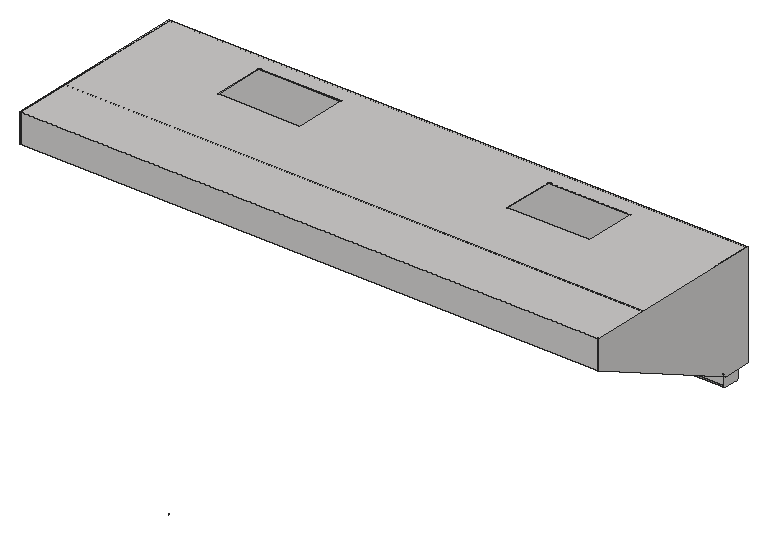
Revit family "QF_ELECTROLUXPROFESSIONAL_642001_MP928BT", category Attrezzature speciali, Revit 2021
Family settings
  Quota connettore circolare = Usa diametro
  Tipo di parte = Normale
  Basato su piano di lavoro = No
  Sempre verticale = Sì
  Taglio con vuoti quando caricato = No
  Condiviso = No
  Punto di calcolo locali = No
Parameters (values of type "Standard")
  Weight = 58.00 kg
  Watts = 0 W
  Volts = 0 V
  URL Manufacturer = "https://www.electroluxprofessional.com/"
  URL = "https://www.electroluxprofessional.com/"
  Steam Supply Size = 0 mm
  Steam Supply Minimum Pressure = 0.0 Pa
  Steam Supply Maximum Pressure = 0.0 Pa
  Steam Consumption per Hour = 0
  Refrigeration Suction Line Size = 0 mm
  Refrigeration Liquid Line Size = 0 mm
  Refrigerant Compressor Remote = yes
  Prospetto di default = 0 mm
  Produttore = "Electrolux Professional"
  Phase = 0
  Modello = "MP928BT"
  Length Actual = 2800 mm  # constant formula
  Item Number = "642001"
  Hot Water Size = 0 mm
  Height Actual = 500 mm  # constant formula
  HP = "0 HP"
  Gas Size = 0 mm
  Gas KW = 0
  Gas Input Pressure = 0 W
  Direct Waste Size = 0 mm
  Descrizione = "430 S/S WALL HOOD+FILTERS 2800X900MM"
  Depth Actual = 900 mm  # constant formula
  Cycle = 0 Hz
  Condensate Return Size = 0 mm
  Compressed Air Volume = 0.0 L/s
  Compressed Air Size = 0 mm
  Compressed Air Pressure = 0.0 Pa
  Cold Water Size = 0 mm
  Accessory = yes
Reference planes
  plane 1: z = 0
  plane 2 "Center (Left/Right)": x = 150
  plane 3 "LEFT": x = -1250
  plane 4 "RIGHT": x = 1550
  plane 5 "BACK": y = 550
  plane 6 "Plane": z = 2000
  plane 7 "TOP": z = 2140
  plane 8 "Base": z = 1640
  plane 9: z = 1566
  plane 10 "DrainY": y = 485
  plane 11: x = -1247
  plane 12: through (0, 414.509, 1640.8) normal (0, 0.7314, 0.682)
  plane 13: y = 470
  plane 14: y = 220
  plane 15 "DrainX": x = 1430
  plane 16: x = -350
  plane 17: x = 650
  plane 18: x = -750
  plane 19: x = 1050
  plane 20: x = 1547
  plane 21: x = 1340
  plane 22: x = 1520
  plane 23: x = -1210
  plane 24: x = -845
  plane 25: x = -450
  plane 26: x = 1510
  plane 27: x = 1145
  plane 28: x = 750
  plane 29: y = -350
  plane 30 "Center (Front/Back)": y = 100
Forms (mm)
  Extrusion 1, solid, material "QF_Finishes_Stainless Steel"
    sketch origin (-1250, 0, 0) x (0, 1, 0) y (0, 0, 1)
      loop
        line (550, 1640) -> (550, 2140) -> (-350, 2140) -> (-350, 2000) -> (415.255, 1640) -> (550, 1640)
    from 0 to 3
  Extrusion 2, solid, material "QF_Finishes_Stainless Steel"
    sketch origin (150, 0, 0) x (0, 1, 0) y (0, 0, 1)
      loop
        line (415.255, 1640) -> (550, 1640) -> (550, 2139.19) -> (549.2, 2139.19) -> (549.2, 1640.8) -> (415.876, 1640.8) -> (339.347, 1722.867) -> (349.609, 1732.436) -> (348.927, 1733.167) -> (337.934, 1722.917) -> (415.255, 1640)
      loop
        line (-82.203, 2139.19) -> (-82.203, 2118.6) -> (-31.047, 2118.6) -> (34.354, 2048.466) -> (46.028, 2059.352) -> (45.346, 2060.083) -> (34.403, 2049.879) -> (-30.612, 2119.6) -> (-81.203, 2119.6) -> (-81.203, 2139.19) -> (-82.203, 2139.19)
    from -1397 to 1397
  Extrusion 3, solid, material "QF_Finishes_Stainless Steel"
    sketch origin (1550, 0, 0) x (0, 1, 0) y (0, 0, 1)
      loop
        line (550, 1640) -> (550, 2140) -> (-350, 2140) -> (-350, 2000) -> (415.255, 1640) -> (550, 1640)
    from 0 to -3
  Extrusion 4, solid, material "QF_Finishes_Stainless Steel"
    sketch origin (150, 0, 0) x (0, 1, 0) y (0, 0, 1)
      loop
        line (-350, 2140) -> (-350, 2000) -> (-349.2, 2000) -> (-349.2, 2139.19) -> (550, 2139.19) -> (550, 2140) -> (-350, 2140)
    from -1400 to 1400
  Extrusion 5, solid, material "QF_Finishes_Stainless Steel"
    sketch origin (150, 0, 0) x (0, 1, 0) y (0, 0, 1)
      loop
        line (534, 1640) -> (436, 1640) -> (436, 1627) -> (443.5, 1627) -> (443.5, 1576)
        arc (443.5, 1576) -> (446.429, 1568.929) -> (453.5, 1566) r 10
        line (453.5, 1566) -> (516.5, 1566)
        arc (516.5, 1566) -> (523.571, 1568.929) -> (526.5, 1576) r 10
        line (526.5, 1576) -> (526.5, 1627) -> (534, 1627) -> (534, 1640)
    from 1190 to 1370
  Extrusion 6, solid, material "QF_Finishes_Stainless Steel"
    sketch origin (0, 0, 1640) x (0, 1, 0) y (-1, 0, 0)
      loop
        circle (485, -1430) r 20
    from -76 to -74
  Extrusion 7, solid, material "QF_Finished_Chrome"
    sketch origin (150, 0, 0) x (0, 1, 0) y (0, 0, 1)
      loop
        line (337.934, 1722.917) -> (341.591, 1726.327) -> (38.011, 2051.876) -> (34.354, 2048.466) -> (337.934, 1722.917)
    from -995 to -1360
  Extrusion 8, solid, material "QF_Finished_Chrome"
    sketch origin (150, 0, 0) x (0, 1, 0) y (0, 0, 1)
      loop
        line (337.934, 1722.917) -> (341.591, 1726.327) -> (38.011, 2051.876) -> (34.354, 2048.466) -> (337.934, 1722.917)
    from 600 to -600
  Extrusion 9, solid, material "QF_Finishes_Stainless Steel"
    sketch origin (150, 0, 0) x (0, 1, 0) y (0, 0, 1)
      loop
        line (337.934, 1722.917) -> (341.591, 1726.327) -> (38.011, 2051.876) -> (34.354, 2048.466) -> (337.934, 1722.917)
    from 1397 to 1360
  Extrusion 10, solid, material "QF_Finishes_Stainless Steel"
    sketch origin (150, 0, 0) x (0, 1, 0) y (0, 0, 1)
      loop
        line (341.588, 1726.324) -> (38.009, 2051.874) -> (34.354, 2048.466) -> (337.934, 1722.917) -> (341.588, 1726.324)
    from -995 to -600
  Extrusion 11, solid, material "QF_Finished_Chrome"
    sketch origin (150, 0, 0) x (0, 1, 0) y (0, 0, 1)
      loop
        line (341.588, 1726.324) -> (38.009, 2051.874) -> (34.354, 2048.466) -> (337.934, 1722.917) -> (341.588, 1726.324)
    from 995 to 1360
  Extrusion 12, void
    sketch origin (0, 0, 2140) x (0, 1, 0) y (-1, 0, 0)
      loop
        line (470, 750) -> (220, 750) -> (220, 350) -> (470, 350) -> (470, 750)
    from 0 to -10
  Extrusion 13, void
    sketch origin (940, 0, 2140) x (0, 1, 0) y (-1, 0, 0)
      loop
        line (470, 290) -> (220, 290) -> (220, -110) -> (470, -110) -> (470, 290)
    from 0 to -10
  Extrusion 14, solid, material "QF_Finishes_Stainless Steel"
    sketch origin (0, 0, 0) x (1, 0, 0) y (0, 1, 0)
      loop
        line (-1250, 550) -> (-1250, 549) -> (-1249, 549) -> (-1249, 550) -> (-1250, 550)
    from 0 to 1
  Extrusion 15, solid, material "QF_Finishes_Stainless Steel"
    sketch origin (150, 0, 0) x (0, 1, 0) y (0, 0, 1)
      loop
        line (337.934, 1722.917) -> (341.591, 1726.327) -> (38.011, 2051.876) -> (34.354, 2048.466) -> (337.934, 1722.917)
    from -1360 to -1397
  Extrusion 16, solid, material "QF_Finishes_Stainless Steel"
    sketch origin (150, 0, 0) x (0, 1, 0) y (0, 0, -1)
      loop
        line (341.588, -1726.324) -> (337.934, -1722.917) -> (34.354, -2048.466) -> (38.009, -2051.874) -> (341.588, -1726.324)
    from -995 to -600
Cuts and joins
  Extrusion 12, Extrusion 13 cuts Extrusion 4
  joined: Extrusion 2, Extrusion 4
Lines and regions (mm)
  reference lines
    curve 1: line (150, 34.354, 2048.466) -> (150, 34.354, 1888.466)
  symbolic lines, style "SpecialityEquipment", detail levels coarse
    curve 2: line (1550, 550, 2140) -> (-1250, 550, 2140)
    curve 3: line (-1250, 550, 2140) -> (-1250, -350, 2140)
    curve 4: line (1550, -350, 2140) -> (1550, 550, 2140)
    curve 5: line (-1250, -350, 2140) -> (1550, -350, 2140)
    curve 6: line (-750, 220, 2140) -> (-350, 220, 2140)
    curve 7: line (-750, 470, 2140) -> (-750, 220, 2140)
    curve 8: line (-350, 470, 2140) -> (-750, 470, 2140)
    curve 9: line (-350, 220, 2140) -> (-350, 470, 2140)
    curve 10: line (650, 470, 2140) -> (650, 220, 2140)
    curve 11: line (650, 220, 2140) -> (1050, 220, 2140)
    curve 12: line (1050, 470, 2140) -> (650, 470, 2140)
    curve 13: line (1050, 220, 2140) -> (1050, 470, 2140)
  symbolic lines, detail levels coarse
    curve 14: line (-1250, -350, 0) -> (1550, 550, 0)
    curve 15: line (1550, -350, 0) -> (-1250, 550, 0)
Dimensions and locks
  plane 3 "LEFT" to plane 4 "RIGHT" = 2800 mm
  equal spacing: plane 3 "LEFT", plane 2 "Center (Left/Right)", plane 4 "RIGHT"
  locked: plane 6 "Plane" to level at 2000
  plane 7 "TOP" to plane 6 "Plane" = 140 mm
  locked: plane 7 "TOP" to plane 8 "Base" at 500
  plane 8 "Base" to plane 9 = 74 mm
  plane 5 "BACK" to plane 10 "DrainY" = 65 mm  (x2)
  plane 3 "LEFT" to plane 11 = 3 mm
  plane 5 "BACK" to plane 13 = 80 mm
  plane 13 to plane 14 = 250 mm  (x2)
  plane 15 "DrainX" to plane 4 "RIGHT" = 120 mm
  locked: plane 16 to plane 17 at 1000
  equal spacing: plane 16, plane 2 "Center (Left/Right)", plane 17
  plane 18 to plane 16 = 400 mm
  plane 17 to plane 19 = 400 mm
  plane 20 to plane 4 "RIGHT" = 3 mm
  locked: plane 21 to plane 15 "DrainX" at 90
  locked: plane 15 "DrainX" to plane 22 at 90
  plane 13 to plane 5 "BACK" = 80 mm
  locked: plane 3 "LEFT" to plane 23 at 40
  locked: plane 23 to plane 24 at 365
  locked: plane 24 to plane 25 at 395
  locked: plane 26 to plane 27 at 365
  locked: plane 27 to plane 28 at 395
  locked: plane 26 to plane 4 "RIGHT" at 40
  plane 25 to plane 28 = 1200 mm
  plane 5 "BACK" to plane 29 = 900 mm  (x2)
  equal spacing: plane 5 "BACK", plane 30 "Center (Front/Back)", plane 29
  plane 14 to plane 29 = 570 mm
  aligned and locked: level to plane 1
  aligned and locked: Extrusion 2 to Extrusion 1
  aligned and locked: Extrusion 2 to Extrusion 3
  aligned and locked: plane 4 "RIGHT" to Extrusion 4
  aligned and locked: Extrusion 4 to plane 3 "LEFT"
  aligned and locked: plane 20 to Extrusion 9
  aligned and locked: plane 18 to Extrusion 12
  aligned and locked: Extrusion 12 to plane 16
  aligned and locked: Extrusion 12 to plane 14
  aligned and locked: Extrusion 12 to plane 13
  aligned and locked: Extrusion 13 to plane 19
  aligned and locked: plane 17 to Extrusion 13
  aligned and locked: Extrusion 2 to Extrusion 4
  aligned and locked: plane 22 to Extrusion 5
  aligned and locked: Extrusion 5 to plane 21
  aligned and locked: Extrusion 9 to plane 26
  aligned and locked: Extrusion 11 to plane 26
  aligned and locked: Extrusion 11 to plane 27
  aligned and locked: Extrusion 8 to plane 28
  aligned and locked: Extrusion 8 to plane 25
  aligned and locked: plane 25 to Extrusion 10
  aligned and locked: Extrusion 10 to plane 24
  aligned and locked: plane 24 to Extrusion 7
  aligned and locked: Extrusion 7 to plane 23
  aligned and locked: Extrusion 15 to plane 11
  aligned and locked: plane 23 to Extrusion 15
  aligned and locked: Extrusion 16 to plane 28
  aligned and locked: Extrusion 16 to plane 27
  aligned and locked: Extrusion 3 to plane 20
Automatic sketch dimensions
  curve 5 to plane 3 "LEFT" = 0 mm
  curve 9 to plane 14 = 0 mm
  curve 10 to plane 14 = 0 mm
  plane 13 to curve 8 = 0 mm
  plane 13 to curve 12 = 0 mm
  curve 3 to plane 5 "BACK" = 0 mm
  curve 5 to plane 4 "RIGHT" = 0 mm
  curve 11 to plane 19 = 0 mm
  curve 10 to plane 17 = 0 mm
  curve 6 to plane 16 = 0 mm
  curve 6 to plane 18 = 0 mm
  Extrusion 2 sketch curve to plane 12 = 0 mm  (x3)
  Extrusion 2 sketch curve to plane 8 "Base" = 0 mm
  plane 12 to Extrusion 2 sketch curve = 0 mm
  Extrusion 2 sketch curve to plane 5 "BACK" = 0 mm
  Extrusion 2 sketch curve to Extrusion 2 sketch curve = 65.646 mm
  Extrusion 2 sketch curve to Extrusion 2 sketch curve = 0.682 mm  (x2)
  Extrusion 2 sketch curve to Extrusion 2 sketch curve = 10.261 mm
  plane 8 "Base" to Extrusion 2 sketch curve = 82.917 mm
  Extrusion 2 sketch curve to Extrusion 2 sketch curve = 10.942 mm
  Extrusion 2 sketch curve to Extrusion 2 sketch curve = 0.049 mm
  Extrusion 2 sketch curve to plane 7 "TOP" = 20.4 mm
  Extrusion 2 sketch curve to plane 7 "TOP" = 21.4 mm
  Extrusion 2 sketch curve to plane 7 "TOP" = 0.81 mm  (x2)
  Extrusion 2 sketch curve to Extrusion 2 sketch curve = 50.156 mm
  Extrusion 2 sketch curve to Extrusion 2 sketch curve = 1 mm
  plane 8 "Base" to Extrusion 2 sketch curve = 0.8 mm
  Extrusion 2 sketch curve to plane 5 "BACK" = 0.8 mm
  Extrusion 4 sketch curve to plane 6 "Plane" = 0 mm
  Extrusion 4 sketch curve to plane 5 "BACK" = 0 mm
  Extrusion 4 sketch curve to plane 7 "TOP" = 0 mm
  Extrusion 4 sketch curve to plane 7 "TOP" = 0.81 mm
  curve 1 to plane 12 = 0 mm
  curve 1 to plane 6 "Plane" = 111.534 mm
  Extrusion 5 sketch curve to plane 8 "Base" = 0 mm
  Extrusion 5 sketch curve to plane 9 = 0 mm
  Extrusion 5 sketch curve to plane 8 "Base" = 13 mm  (x2)
  plane 13 to Extrusion 5 sketch curve = 34 mm
  Extrusion 5 sketch curve to Extrusion 5 sketch curve = 7.5 mm  (x2)
  Extrusion 5 sketch curve to Extrusion 5 sketch curve = 10 mm
  plane 10 "DrainY" to Extrusion 5 sketch curve = 31.5 mm
  Extrusion 5 sketch curve to plane 5 "BACK" = 23.5 mm
  Extrusion 6 sketch curve to plane 10 "DrainY" = 0 mm
  Extrusion 6 sketch curve to plane 15 "DrainX" = 0 mm
  Extrusion 7 sketch curve to plane 12 = 0 mm  (x2)
  Extrusion 7 sketch curve to Extrusion 7 sketch curve = 3.657 mm
  plane 8 "Base" to Extrusion 7 sketch curve = 82.917 mm
  Extrusion 8 sketch curve to plane 12 = 0 mm  (x2)
  Extrusion 8 sketch curve to Extrusion 8 sketch curve = 3.657 mm
  plane 8 "Base" to Extrusion 8 sketch curve = 82.917 mm
  Extrusion 9 sketch curve to plane 12 = 0 mm  (x2)
  Extrusion 9 sketch curve to Extrusion 9 sketch curve = 3.657 mm
  plane 8 "Base" to Extrusion 9 sketch curve = 82.917 mm
  Extrusion 10 sketch curve to plane 12 = 0 mm  (x2)
  Extrusion 10 sketch curve to Extrusion 10 sketch curve = 3.655 mm
  plane 8 "Base" to Extrusion 10 sketch curve = 82.917 mm
  Extrusion 11 sketch curve to plane 12 = 0 mm  (x2)
  Extrusion 11 sketch curve to Extrusion 11 sketch curve = 3.655 mm
  plane 8 "Base" to Extrusion 11 sketch curve = 82.917 mm
  Extrusion 12 sketch curve to plane 14 = 0 mm
  plane 13 to Extrusion 12 sketch curve = 0 mm
  Extrusion 12 sketch curve to plane 16 = 0 mm
  Extrusion 12 sketch curve to plane 18 = 0 mm
  Extrusion 13 sketch curve to plane 14 = 0 mm
  plane 13 to Extrusion 13 sketch curve = 0 mm
  Extrusion 13 sketch curve to plane 19 = 0 mm
  Extrusion 13 sketch curve to plane 17 = 0 mm
  Extrusion 14 sketch curve to plane 3 "LEFT" = 0 mm
  Extrusion 14 sketch curve to plane 5 "BACK" = 0 mm
  plane 3 "LEFT" to Extrusion 14 sketch curve = 1 mm
  Extrusion 14 sketch curve to plane 5 "BACK" = 1 mm
  Extrusion 15 sketch curve to plane 12 = 0 mm  (x2)
  Extrusion 15 sketch curve to Extrusion 15 sketch curve = 3.657 mm
  plane 8 "Base" to Extrusion 15 sketch curve = 82.917 mm
  Extrusion 16 sketch curve to plane 12 = 0 mm  (x2)
  Extrusion 16 sketch curve to Extrusion 16 sketch curve = 3.655 mm
  plane 8 "Base" to Extrusion 16 sketch curve = 82.917 mm
  Extrusion 4 sketch curve to Extrusion 4 sketch curve = 0.8 mm
  curve 5 to plane 29 = 0 mm
  plane 6 "Plane" to Extrusion 2 sketch curve = 48.466 mm
  plane 29 to Extrusion 4 sketch curve = 0.8 mm
  curve 1 to plane 14 = 185.646 mm
  plane 6 "Plane" to Extrusion 7 sketch curve = 51.876 mm
  plane 6 "Plane" to Extrusion 8 sketch curve = 51.876 mm
  plane 6 "Plane" to Extrusion 9 sketch curve = 51.876 mm
  plane 6 "Plane" to Extrusion 10 sketch curve = 51.874 mm
  plane 6 "Plane" to Extrusion 11 sketch curve = 51.874 mm
  plane 6 "Plane" to Extrusion 15 sketch curve = 51.876 mm
  plane 6 "Plane" to Extrusion 16 sketch curve = 51.874 mm
  Extrusion 3 sketch curve to plane 5 "BACK" = 0 mm
  Extrusion 3 sketch curve to plane 7 "TOP" = 0 mm
  Extrusion 3 sketch curve to plane 6 "Plane" = 0 mm
  Extrusion 1 sketch curve to plane 8 "Base" = 0 mm
  plane 12 to Extrusion 1 sketch curve = 0 mm
  Extrusion 1 sketch curve to plane 5 "BACK" = 0 mm
  Extrusion 1 sketch curve to plane 7 "TOP" = 0 mm
  Extrusion 1 sketch curve to plane 29 = 0 mm
  Extrusion 1 sketch curve to plane 6 "Plane" = 0 mm
  Extrusion 3 sketch curve to plane 29 = 0 mm
  Extrusion 3 sketch curve to plane 8 "Base" = 0 mm
  plane 12 to Extrusion 3 sketch curve = 0 mm
  curve 15 to plane 3 "LEFT" = 0 mm
  curve 14 to plane 3 "LEFT" = 0 mm
  curve 15 to plane 4 "RIGHT" = 0 mm
  curve 14 to plane 4 "RIGHT" = 0 mm
  curve 15 to plane 29 = 0 mm
  curve 14 to plane 29 = 0 mm
  curve 15 to plane 5 "BACK" = 0 mm
  curve 14 to plane 5 "BACK" = 0 mm
  radius of Extrusion 6 sketch curve = 20 mm
Connectors
  piping at (1430, 485, 1564), diameter 20
    settings: on Extrusion 6, index 1, connector inside diameter 609.6 mm, connector length 0 mm, flow factor 0, pipe flow 0.0 L/s, pressure drop 0.0 Pa, fitting loss kfactor 0, connector angle 0.00°, fixture units 0, engagement length 0 mm, angle of deflection 0.00°, flow configuration 1, flow direction 2, fitting loss method 0, system type 16, joint type 0, gender type 0, connector reference index -1, connector utility 0, adjustable connector no, is connector primary yes, connector description "Drain"
  hvac at (-550, 345, 2140)
    settings: on Extrusion 12, index 2, duct flow 0.0 L/s, flow factor 0, pres drop 0.0 Pa, loss coef 0, conn angle 0.00°, conn width 250 mm, conn height 400 mm, conn diameter 609.6 mm, duct sys type 3, conn prof type 1, flow config 1, flow direction 0, loss method 0, conn ref index -1, conn util no, is conn primary yes, conn desc "EXHAUST OUTLET"
  hvac at (850, 345, 2140)
    settings: on Extrusion 13, index 3, duct flow 0.0 L/s, flow factor 0, pres drop 0.0 Pa, loss coef 0, conn angle 0.00°, conn width 250 mm, conn height 400 mm, conn diameter 609.6 mm, duct sys type 3, conn prof type 1, flow config 1, flow direction 0, loss method 0, conn ref index -1, conn util no, is conn primary no, conn desc "EXHAUST OUTLET"
